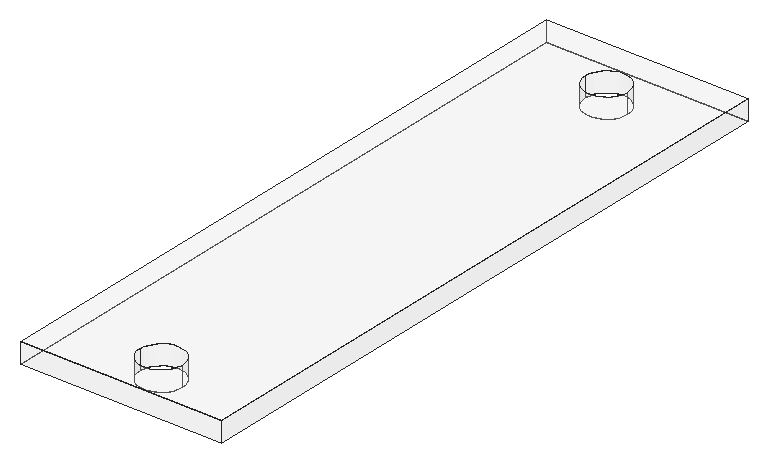
Revit family "Gleitstreifen PA 6", category HLS-Bauteile, Revit 2017
Family settings
  Bemaßung runder Anschluss = Durchmesser verwenden
  Teiletyp = Normal
  Arbeitsebenenbasiert = Ja
  Immer vertikal = Nein
  Beim Laden mit Abzugskörper schneiden = Nein
  Gemeinsam genutzt = Ja
  Raumberechnungspunkt = Nein
Parameters (values of type "Gleitstreifen PA 6, 2x gelocht, 163x 50x 5")
  vpe = "1 St"
  max. Temperaturbeständigkeit = "110 °C"
  für Gleitplattenbreite = "100 mm"
  für Gleitelementbreite = ""
  Default Elevation = 1219.2 mm
  Stärke = 5 mm
  Regelhalter [instance] = ""
  Mengeneinheit = "St"
  Länge = 163 mm
  Lochdurchmesser = "10 mm"
  Lochabstand = "138 mm"
  Langloch = ""
  L1 = 138 mm
  L = 163 mm
  Kurztext2 = "für Breite 100 mm 163 x 50 x 5 mm"
  Kurztext1 = "Gleitstreifen PA 6 2-fach gelocht"
  Haftreibungsfaktor = "0,2 - 0,3"
  Gleitreibungsfaktor = ""
  Gewicht pro Bauteil = Gewicht  # 0.0459 kg
  Gewicht = 0.0459 kg
  Firma = "MEFA Befestigungs- und Montagesysteme GmbH"
  Fabrikat = "MEFA"
  EAN = "4250928448613"
  D = 10.5 mm  # constant formula
  Breite = 50 mm
  B = 50 mm  # constant formula
  Artikelnummer = "077955501"
  Anzahl Befestigungsloch = "2 St"
  Abmessung = "163 x 50 x 5 mm"
Types (5, lengths in mm): name | für Gleitplattenbreite | Länge | Lochabstand | L1 | L | Kurztext2 | Gewicht pro Bauteil | Gewicht | EAN | Artikelnummer | Abmessung
  (no name) | "100 mm" | 163 | "138 mm" | 138 | 163 | "für Breite 100 mm 163 x 50 x 5 mm" | 0.0459 kg | 0.0459 kg | "4250928448613" | "077955501" | "163 x 50 x 5 mm"
  Gleitstreifen PA 6, 2x gelocht, 163x 50x 5 | "100 mm" | 163 | "138 mm" | 138 | 163 | "für Breite 100 mm 163 x 50 x 5 mm" | 0.0459 kg | 0.0459 kg | "4250928448613" | "077955501" | "163 x 50 x 5 mm"
  Gleitstreifen PA 6, 2x gelocht, 213x 50x 5 | "150 mm" | 213 | "188 mm" | 188 | 213 | "für Breite 150 mm 213 x 50 x 5 mm" | 0.0602 kg | 0.0602 kg | "4250928448620" | "077956701" | "213 x 50 x 5 mm"
  Gleitstreifen PA 6, 2x gelocht, 263x 50x 5 | "200 mm" | 263 | "238 mm" | 238 | 263 | "für Breite 200 mm 263 x 50 x 5 mm" | 0.0746 kg | 0.0746 kg | "4250928448637" | "077956001" | "263 x 50 x 5 mm"
  Gleitstreifen PA 6, 2x gelocht, 313x 50x 5 | "250 mm" | 313 | "288 mm" | 288 | 313 | "für Breite 250 mm 313 x 50 x 5 mm" | 0.089 kg | 0.089 kg | "4250928448644" | "077957001" | "313 x 50 x 5 mm"
Reference planes
  plane 1 "Mitte (Vorne/hinten)": y = 0
  plane 2: z = 0
  plane 3 "Mitte (Links/rechts)": x = 0
  plane 4: y = 81.5
  plane 5: y = -81.5
  plane 6: x = -25
  plane 7: x = 25
  plane 8: y = 69
  plane 9: y = -69
Forms (mm)
  Extrusion 1, solid, material "MEFA Polyamid PA6"
    sketch origin (0, 0, 0) x (1, 0, 0) y (0, 1, 0)
      loop
        line (-25, 81.5) -> (-25, -81.5) -> (25, -81.5) -> (25, 81.5) -> (-25, 81.5)
    from 0 to 5
  Extrusion 2, void
    sketch origin (0, 0, 0) x (1, 0, 0) y (0, 1, 0)
      loop
        circle (0, 69) r 5.25
    from 0 to 5
  Extrusion 3, void
    sketch origin (0, 0, 0) x (1, 0, 0) y (0, 1, 0)
      loop
        circle (0, -69) r 5.25
    from 0 to 5
Cuts and joins
  Extrusion 2, Extrusion 3 cuts Extrusion 1
Lines and regions (mm)
  model lines
    curve 1: line (-7.5, 69, 0) -> (7.5, 69, 0)
    curve 2: line (0, 76.5, 0) -> (0, 61.5, 0)
    curve 3: line (-7.5, -69, 0) -> (7.5, -69, 0)
    curve 4: line (0, -61.5, 0) -> (0, -76.5, 0)
Dimensions and locks
  equal spacing: plane 5, plane 1 "Mitte (Vorne/hinten)", plane 4
  "L": plane 4 to plane 5
  equal spacing: plane 6, plane 3 "Mitte (Links/rechts)", plane 7
  "B": plane 6 to plane 7
  equal spacing: plane 8, plane 1 "Mitte (Vorne/hinten)", plane 9
  "L1": plane 9 to plane 8
  "D": diameter of Extrusion 2 sketch curve
  "D": diameter of Extrusion 3 sketch curve
  aligned and locked: level to plane 2
  aligned and locked: Extrusion 1 sketch curve to plane 4
  aligned and locked: Extrusion 1 sketch curve to plane 7
  aligned and locked: Extrusion 1 sketch curve to plane 6
  aligned and locked: Extrusion 1 sketch curve to plane 5
  aligned and locked: curve 4 to plane 3 "Mitte (Links/rechts)"
  aligned and locked: plane 9 to curve 3
  aligned and locked: curve 2 to plane 3 "Mitte (Links/rechts)"
  aligned and locked: curve 1 to plane 8
Automatic sketch dimensions
  Extrusion 2 sketch curve to plane 3 "Mitte (Links/rechts)" = 0 mm
  Extrusion 2 sketch curve to plane 8 = 0 mm
  Extrusion 3 sketch curve to plane 3 "Mitte (Links/rechts)" = 0 mm
  plane 9 to Extrusion 3 sketch curve = 0 mm
  curve 1 to plane 3 "Mitte (Links/rechts)" = 7.5 mm
  curve 3 to plane 3 "Mitte (Links/rechts)" = 7.5 mm
  plane 3 "Mitte (Links/rechts)" to curve 3 = 7.5 mm
  plane 3 "Mitte (Links/rechts)" to curve 1 = 7.5 mm
  curve 4 to plane 5 = 5 mm
  curve 4 to plane 9 = 7.5 mm
  curve 2 to plane 8 = 7.5 mm
  curve 2 to plane 4 = 5 mm
